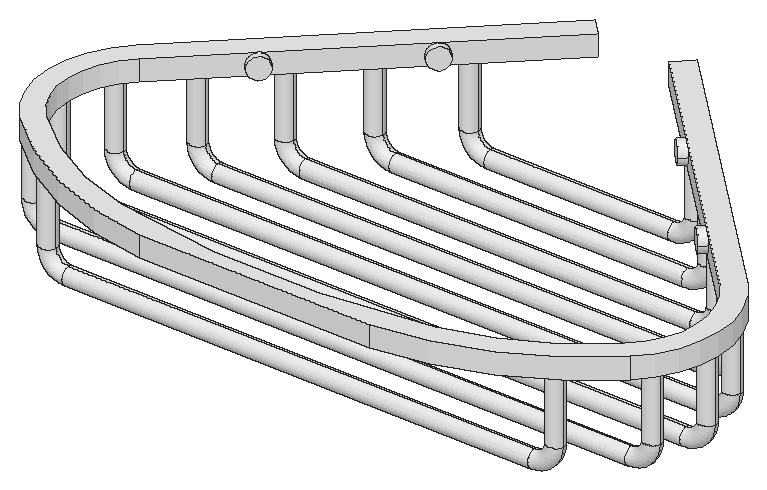
Revit family "Wire_Basket-Grohe-40664000", category Specialty Equipment, Revit 2018
Family settings
  Round Connector Dimension = Use Diameter
  Part Type = Normal
  OmniClass Number = 23.40.20.21.34
  OmniClass Title = Soap Holders, Dispensers
  Work Plane-Based = Yes
  Always vertical = No
  Cut with Voids When Loaded = No
  Shared = Yes
  Room Calculation Point = No
Parameters (values of type "40664000")
  Width = 8.00458"
  Warranty Information = "Limited Lifetime warranty"  # constant formula
  URL = "https://www.grohe.ca/"
  Region = "North America"  # constant formula
  Product Page URL = "https://www.grohe.ca/Soap-Dishes-Holders/Filing-Basket/GROHE-CHROME-40664000"
  Product Documentation Link = "https://americanstandard.box.com/shared/static/sjo2f347oklpd8eor4zxk3aaf0xahlfh.pdf"
  Price = "Prices may vary. Please consult Manufacturer Representative for most up-to-date price list."  # constant formula
  Model = "40664000"
  Material = "Metal-Grohe-000-Starlight Chrome"
  Manufacturer = "Grohe"
  Length = 5 55/64"
  Installation Type = "Angle Wall Mounted"  # constant formula
  Height = 1.34809"
  Description = "Filing Basket"
  Default Elevation = 0"
  Creation Date = "03/30/2021"  # constant formula
  Body Material = Metal-Grohe-000-Starlight Chrome
  Assembly Code = "C1030200"
Reference planes (in)
  plane 1 "Center (Front/Back)": y = 0
  plane 2: z = 0
  plane 3 "Center (Left/Right)": x = 0
  plane 4: y = 2.92969
  plane 5: y = -2.92969
  plane 6: z = -1
  plane 7: y = 2.11719
  plane 8: x = -1.34874
  plane 9: y = 1.50742
  plane 10: y = 0.89765
  plane 11: y = 0.31913
  plane 12: y = -0.25939
  plane 13: x = 1.34874
  plane 14: y = -0.86916
  plane 15: y = -1.47893
  plane 16: y = -2.0887
  plane 17: x = 2
  plane 18: x = -2
  plane 19: x = 2.58627
  plane 20: x = 3.03816
  plane 21: x = -2.58627
  plane 22: x = -3.03816
  plane 23: x = 3.71162
  plane 24: x = -3.71162
  plane 25: z = 0.125
  plane 26: z = 0.25
  plane 27: x = 4.02089
  plane 28: x = -3.98369
  plane 29: z = -1.09809
Forms (in)
  Extrusion 1, solid, material "Metal-Grohe-000-Starlight Chrome" <- "Body Material"
    sketch origin (0, 0, 0) x (1, 0, 0) y (0, 1, 0)
      loop
        line (0.4232, 2.87366) -> (3.47363, -0.17678)
        arc (3.47363, -0.17678) -> (3.76284, -0.875) -> (3.47363, -1.57322) r 0.98744
        arc (3.47363, -1.57322) -> (2.73897, -2.12268) -> (1.87898, -2.44215) r 3.21331
        arc (1.87898, -2.44215) -> (0, -2.64248) -> (-1.87898, -2.44215) r 8.91176
        arc (-1.87898, -2.44215) -> (-2.73897, -2.12268) -> (-3.47363, -1.57322) r 3.21331
        arc (-3.47363, -1.57322) -> (-3.76284, -0.875) -> (-3.47363, -0.17678) r 0.98744
        line (-3.47363, -0.17678) -> (-0.4232, 2.87366) -> (-0.60552, 3.05599) -> (-3.65018, 0.01133)
        arc (-3.65018, 0.01133) -> (-4.01262, -0.86367) -> (-3.65018, -1.73867) r 1.23744
        arc (-3.65018, -1.73867) -> (-2.60529, -2.4677) -> (-1.37298, -2.79125) r 3.63397
        arc (-1.37298, -2.79125) -> (0.00414, -2.84675) -> (1.38125, -2.79125) r 17.11474
        arc (1.38125, -2.79125) -> (2.61356, -2.4677) -> (3.65845, -1.73867) r 3.63397
        arc (3.65845, -1.73867) -> (4.02089, -0.86367) -> (3.65845, 0.01133) r 1.23744
        line (3.65845, 0.01133) -> (0.60966, 3.06012) -> (0.4232, 2.87366)
    from 0 to 0.25
  Sweep 2, solid, material "Metal-Grohe-000-Starlight Chrome" <- "Body Material"
    path origin (0, 0, 0) x (1, 0, 0) y (0, 0, 1)
      loop
        line (-1.34874, 0) -> (-1.34874, -0.75)
        arc (-1.34874, -0.75) -> (-1.27552, -0.92678) -> (-1.09874, -1) r 0.25
        line (-1.09874, -1) -> (1.09874, -1)
        arc (1.09874, -1) -> (1.27552, -0.92678) -> (1.34874, -0.75) r 0.25
        line (1.34874, -0.75) -> (1.34874, 0)
    profile origin (-1.34874, 0, -0.375) x (0, -1, 0) y (1, 0, 0)
      loop
        circle (-2.11719, 0) r 0.1
  Sweep 3, solid, material "Metal-Grohe-000-Starlight Chrome" <- "Body Material"
    path origin (0, -0.60977, 0) x (1, 0, 0) y (0, 0, 1)
      loop
        line (-2, 0) -> (-2, -0.75)
        arc (-2, -0.75) -> (-1.92678, -0.92678) -> (-1.75, -1) r 0.25
        line (-1.75, -1) -> (1.75, -1)
        arc (1.75, -1) -> (1.92678, -0.92678) -> (2, -0.75) r 0.25
        line (2, -0.75) -> (2, 0)
    profile origin (-2, -0.60977, -0.375) x (0, -1, 0) y (1, 0, 0)
      loop
        circle (-2.11719, 0) r 0.1
  Sweep 4, solid, material "Metal-Grohe-000-Starlight Chrome" <- "Body Material"
    path origin (0, -1.21954, 0) x (1, 0, 0) y (0, 0, 1)
      loop
        line (-2.58627, 0) -> (-2.58627, -0.75)
        arc (-2.58627, -0.75) -> (-2.51305, -0.92678) -> (-2.33627, -1) r 0.25
        line (-2.33627, -1) -> (2.33627, -1)
        arc (2.33627, -1) -> (2.51305, -0.92678) -> (2.58627, -0.75) r 0.25
        line (2.58627, -0.75) -> (2.58627, 0)
    profile origin (-2.58627, -1.21954, -0.375) x (0, -1, 0) y (1, 0, 0)
      loop
        circle (-2.11719, 0) r 0.1
  Sweep 5, solid, material "Metal-Grohe-000-Starlight Chrome" <- "Body Material"
    path origin (0, -1.79806, 0) x (1, 0, 0) y (0, 0, 1)
      loop
        line (-3.17188, 0) -> (-3.17188, -0.75)
        arc (-3.17188, -0.75) -> (-3.09866, -0.92678) -> (-2.92188, -1) r 0.25
        line (-2.92188, -1) -> (2.92188, -1)
        arc (2.92188, -1) -> (3.09866, -0.92678) -> (3.17188, -0.75) r 0.25
        line (3.17188, -0.75) -> (3.17188, 0)
    profile origin (-3.17188, -1.79806, -0.375) x (0, -1, 0) y (1, 0, 0)
      loop
        circle (-2.11719, 0) r 0.1
  Sweep 6, solid, material "Metal-Grohe-000-Starlight Chrome" <- "Body Material"
    path origin (0, -2.37658, 0) x (1, 0, 0) y (0, 0, 1)
      loop
        line (-3.69397, 0) -> (-3.69397, -0.75)
        arc (-3.69397, -0.75) -> (-3.62074, -0.92678) -> (-3.44397, -1) r 0.25
        line (-3.44397, -1) -> (3.44397, -1)
        arc (3.44397, -1) -> (3.62074, -0.92678) -> (3.69397, -0.75) r 0.25
        line (3.69397, -0.75) -> (3.69397, 0)
    profile origin (-3.69397, -2.37658, -0.375) x (0, -1, 0) y (1, 0, 0)
      loop
        circle (-2.11719, 0) r 0.1
  Sweep 7, solid, material "Metal-Grohe-000-Starlight Chrome" <- "Body Material"
    path origin (0, -2.98635, 0) x (1, 0, 0) y (0, 0, 1)
      loop
        line (-3.88384, 0) -> (-3.88384, -0.75)
        arc (-3.88384, -0.75) -> (-3.81061, -0.92678) -> (-3.63384, -1) r 0.25
        line (-3.63384, -1) -> (3.63384, -1)
        arc (3.63384, -1) -> (3.81061, -0.92678) -> (3.88384, -0.75) r 0.25
        line (3.88384, -0.75) -> (3.88384, 0)
    profile origin (-3.88384, -2.98635, -0.375) x (0, -1, 0) y (1, 0, 0)
      loop
        circle (-2.11719, 0) r 0.1
  Sweep 8, solid, material "Metal-Grohe-000-Starlight Chrome" <- "Body Material"
    path origin (0, -3.59611, 0) x (1, 0, 0) y (0, 0, 1)
      loop
        line (-3.71162, 0) -> (-3.71162, -0.75)
        arc (-3.71162, -0.75) -> (-3.6384, -0.92678) -> (-3.46162, -1) r 0.25
        line (-3.46162, -1) -> (3.46162, -1)
        arc (3.46162, -1) -> (3.6384, -0.92678) -> (3.71162, -0.75) r 0.25
        line (3.71162, -0.75) -> (3.71162, 0)
    profile origin (-3.71162, -3.59611, -0.375) x (0, -1, 0) y (1, 0, 0)
      loop
        circle (-2.11719, 0) r 0.1
  Sweep 9, solid, material "Metal-Grohe-000-Starlight Chrome" <- "Body Material"
    path origin (0, -4.20549, 0) x (1, 0, 0) y (0, 0, 1)
      loop
        line (-3.03816, 0) -> (-3.03816, -0.75)
        arc (-3.03816, -0.75) -> (-2.96493, -0.92678) -> (-2.78816, -1) r 0.25
        line (-2.78816, -1) -> (2.78816, -1)
        arc (2.78816, -1) -> (2.96493, -0.92678) -> (3.03816, -0.75) r 0.25
        line (3.03816, -0.75) -> (3.03816, 0)
    profile origin (-3.03816, -4.20549, -0.375) x (0, -1, 0) y (1, 0, 0)
      loop
        circle (-2.11719, 0) r 0.1
  Extrusion 10, solid, material "Metal-Grohe-000-Starlight Chrome" <- "Body Material"
    sketch origin (0.10851, 3.06887, 0) x (0.707107, 0.707107, 0) y (0, 0, 1)
      loop
        circle (-3.71162, 0.125) r 0.125
    from -0.23794 to -0.14423
  Extrusion 11, solid, material "Metal-Grohe-000-Starlight Chrome" <- "Body Material"
    sketch origin (1.30574, 4.26609, 0) x (0.707107, 0.707107, 0) y (0, 0, 1)
      loop
        circle (-3.71162, 0.125) r 0.125
    from -0.23794 to -0.14423
  Extrusion 12, solid, material "Metal-Grohe-000-Starlight Chrome" <- "Body Material"
    sketch origin (-0.10851, 3.06887, 0) x (-0.707107, 0.707107, 0) y (0, 0, -1)
      loop
        circle (-3.71162, -0.125) r 0.125
    from -0.23794 to -0.14423
  Extrusion 13, solid, material "Metal-Grohe-000-Starlight Chrome" <- "Body Material"
    sketch origin (-1.30574, 4.26609, 0) x (-0.707107, 0.707107, 0) y (0, 0, -1)
      loop
        circle (-3.71162, -0.125) r 0.125
    from -0.23794 to -0.14423
Lines and regions (in)
  Masking region 1
    outline origin (0, 0, 0) x (1, 0, 0) y (0, 1, 0)
      loop
        arc (-3.65018, 0.01133) -> (-4.01262, -0.86367) -> (-3.65018, -1.73867) r 1.23744
        arc (-3.65018, -1.73867) -> (-2.60529, -2.4677) -> (-1.37298, -2.79125) r 3.63397
        arc (-1.37298, -2.79125) -> (0.00414, -2.84675) -> (1.38125, -2.79125) r 17.11474
        arc (1.38125, -2.79125) -> (2.61356, -2.4677) -> (3.65845, -1.73867) r 3.63397
        arc (3.65845, -1.73867) -> (4.02089, -0.86367) -> (3.65845, 0.01133) r 1.23744
        line (3.65845, 0.01133) -> (0.60966, 3.06012) -> (0.4232, 2.87366) -> (3.47363, -0.17678)
        arc (3.47363, -0.17678) -> (3.76284, -0.875) -> (3.47363, -1.57322) r 0.98744
        arc (3.47363, -1.57322) -> (2.73897, -2.12268) -> (1.87898, -2.44215) r 3.21331
        arc (1.87898, -2.44215) -> (0, -2.64248) -> (-1.87898, -2.44215) r 8.91176
        arc (-1.87898, -2.44215) -> (-2.73897, -2.12268) -> (-3.47363, -1.57322) r 3.21331
        arc (-3.47363, -1.57322) -> (-3.76284, -0.875) -> (-3.47363, -0.17678) r 0.98744
        line (-3.47363, -0.17678) -> (-0.4232, 2.87366) -> (-0.60552, 3.05599) -> (-3.65018, 0.01133)
  Masking region 2
    outline origin (0, 0, 0) x (1, 0, 0) y (0, 1, 0)
      loop
        line (-1.50915, 1.65517) -> (-1.33238, 1.83195) -> (-1.39864, 1.89821) -> (-1.57542, 1.72144) -> (-1.50915, 1.65517)
  Masking region 3
    outline origin (-1.19725, -1.19725, 0) x (1, 0, 0) y (0, 1, 0)
      loop
        line (-1.50915, 1.65517) -> (-1.33238, 1.83195) -> (-1.39864, 1.89821) -> (-1.57542, 1.72144) -> (-1.50915, 1.65517)
  Masking region 4
    outline origin (0, 0, 0) x (0, 1, 0) y (-1, 0, 0)
      loop
        line (1.65517, -1.50915) -> (1.72144, -1.57542) -> (1.89821, -1.39864) -> (1.83195, -1.33238) -> (1.65517, -1.50915)
  Masking region 5
    outline origin (1.19725, -1.19725, 0) x (0, 1, 0) y (-1, 0, 0)
      loop
        line (1.65517, -1.50915) -> (1.72144, -1.57542) -> (1.89821, -1.39864) -> (1.83195, -1.33238) -> (1.65517, -1.50915)
  Masking region 6
    outline origin (0, 0, 0) x (1, 0, 0) y (0, 1, 0)
      loop
        line (-1.07973, 2.21713) -> (-1.2796, 2.01725) -> (1.2796, 2.01725) -> (1.07973, 2.21713) -> (-1.07973, 2.21713)
  Masking region 7
    outline origin (0, -0.60977, 0) x (1, 0, 0) y (0, 1, 0)
      loop
        line (-1.6895, 2.21713) -> (-1.88937, 2.01725) -> (1.88937, 2.01725) -> (1.6895, 2.21713) -> (-1.6895, 2.21713)
  Masking region 8
    outline origin (0, -1.21954, 0) x (1, 0, 0) y (0, 1, 0)
      loop
        line (-2.29926, 2.21713) -> (-2.49914, 2.01725) -> (2.49914, 2.01725) -> (2.29926, 2.21713) -> (-2.29926, 2.21713)
  Masking region 9
    outline origin (0, -1.79806, 0) x (1, 0, 0) y (0, 1, 0)
      loop
        line (-2.87778, 2.21713) -> (-3.07766, 2.01725) -> (3.07766, 2.01725) -> (2.87778, 2.21713) -> (-2.87778, 2.21713)
  Masking region 10
    outline origin (0, -2.37658, 0) x (1, 0, 0) y (0, 1, 0)
      loop
        arc (-3.45586, 2.21713) -> (-3.54321, 2.12247) -> (-3.6175, 2.01725) r 0.98744
        line (-3.6175, 2.01725) -> (3.6175, 2.01725)
        arc (3.6175, 2.01725) -> (3.54321, 2.12247) -> (3.45586, 2.21713) r 0.98744
        line (3.45586, 2.21713) -> (-3.45586, 2.21713)
  Masking region 11
    outline origin (0, -2.98635, 0) x (1, 0, 0) y (0, 1, 0)
      loop
        arc (-3.75716, 2.21713) -> (-3.76283, 2.11722) -> (-3.75835, 2.01725) r 0.98744
        line (-3.75835, 2.01725) -> (3.75835, 2.01725)
        arc (3.75835, 2.01725) -> (3.76283, 2.11722) -> (3.75716, 2.21713) r 0.98744
        line (3.75716, 2.21713) -> (-3.75716, 2.21713)
  Masking region 12
    outline origin (0, -3.59611, 0) x (1, 0, 0) y (0, 1, 0)
      loop
        arc (-3.62454, 2.21713) -> (-3.55269, 2.11213) -> (-3.46794, 2.01725) r 0.98744
        line (-3.46794, 2.01725) -> (3.46794, 2.01725)
        arc (3.46794, 2.01725) -> (3.55269, 2.11213) -> (3.62454, 2.21713) r 0.98744
        line (3.62454, 2.21713) -> (-3.62454, 2.21713)
  Masking region 13
    outline origin (0, -4.20588, 0) x (1, 0, 0) y (0, 1, 0)
      loop
        arc (-2.96264, 2.21713) -> (-2.79007, 2.11165) -> (-2.6112, 2.01725) r 3.21331
        line (-2.6112, 2.01725) -> (2.6112, 2.01725)
        arc (2.6112, 2.01725) -> (2.79007, 2.11165) -> (2.96264, 2.21713) r 3.21331
        line (2.96264, 2.21713) -> (-2.96264, 2.21713)
Dimensions and locks (in)
  "Length": plane 5 to plane 4
  "Width": plane 28 to plane 27
  "Height": plane 29 to plane 26
  aligned and locked: plane 8 to Sweep 2 sketch curve
  aligned and locked: plane 7 to Sweep 2
  aligned and locked: Sweep 3 sketch curve to plane 18
  aligned and locked: Sweep 3 sketch curve to plane 17
  aligned and locked: plane 19 to Sweep 4 sketch curve
  aligned and locked: plane 21 to Sweep 4 sketch curve
  aligned and locked: Sweep 8 sketch curve to plane 24
  aligned and locked: plane 23 to Sweep 8 sketch curve
  aligned and locked: Sweep 9 sketch curve to plane 22
  aligned and locked: plane 20 to Sweep 9 sketch curve
  aligned and locked: Extrusion 11 to Extrusion 1
  aligned and locked: Extrusion 10 to Extrusion 1
  aligned and locked: Extrusion 13 to Extrusion 1
  aligned and locked: Extrusion 12 to Extrusion 1
  aligned and locked: Masking region 1 sketch curve to Extrusion 1  (x15)
  aligned and locked: Masking region 2 sketch curve to Extrusion 11  (x2)
  aligned and locked: Masking region 9 to Extrusion 1  (x2)
  aligned and locked: Masking region 8 to Extrusion 1  (x2)
  aligned and locked: Masking region 7 to Extrusion 1  (x2)
Automatic sketch dimensions
  Extrusion 1 sketch curve to plane 3 "Center (Left/Right)" = 0"
  plane 4 to Extrusion 1 sketch curve = 0.05603"  (x2)
  Extrusion 1 sketch curve to plane 3 "Center (Left/Right)" = 0.4232"
  Extrusion 1 sketch curve to plane 4 = 0.1263"
  Extrusion 1 sketch curve to Extrusion 1 sketch curve = 0.18233"
  plane 10 to Extrusion 1 sketch curve = 0.06672"  (x2)
  Extrusion 1 sketch curve to plane 8 = 0.26816"
  Extrusion 1 sketch curve to plane 8 = 0.14726"
  plane 14 to Extrusion 1 sketch curve = 0.00549"  (x2)
  Extrusion 1 sketch curve to plane 21 = 0.18891"
  Extrusion 1 sketch curve to Extrusion 1 sketch curve = 0.00022"
  plane 12 to Extrusion 1 sketch curve = 0.08261"  (x2)
  Extrusion 1 sketch curve to plane 1 "Center (Front/Back)" = 0.01133"  (x2)
  plane 3 "Center (Left/Right)" to Extrusion 1 sketch curve = 0.00414"
  plane 3 "Center (Left/Right)" to Extrusion 1 sketch curve = 0.4232"
  Extrusion 1 sketch curve to plane 4 = 0.13043"
  Extrusion 1 sketch curve to Extrusion 1 sketch curve = 0.18646"
  Extrusion 1 sketch curve to plane 13 = 0.25989"
  Extrusion 1 sketch curve to plane 13 = 0.14726"
  Extrusion 1 sketch curve to plane 14 = 0.00584"  (x2)
  Extrusion 1 sketch curve to plane 19 = 0.18913"
  Extrusion 1 sketch curve to Extrusion 1 sketch curve = 0.00805"
  Extrusion 1 sketch curve to Extrusion 1 sketch curve = 0.132"  (x2)
  Extrusion 1 sketch curve to Extrusion 1 sketch curve = 3.20915"
  Extrusion 1 sketch curve to Extrusion 1 sketch curve = 7.99872"
  plane 8 to Extrusion 1 sketch curve = 0.02424"
  Extrusion 1 sketch curve to Extrusion 1 sketch curve = 0"  (x4)
  plane 18 to Extrusion 1 sketch curve = 0.12102"
  Sweep 2 sketch curve to plane 6 = 0"
  Sweep 2 sketch curve to plane 13 = 0"
  Sweep 2 sketch curve to level = 0"  (x2)
  Sweep 2 sketch curve to plane 8 = 1/4"
  Sweep 2 sketch curve to Sweep 2 sketch curve = 1/4"
  Sweep 2 sketch curve to profile plane = 0"
  Sweep 2 sketch curve to plane 1 "Center (Front/Back)" = 2 15/128"
  Sweep 3 sketch curve to plane 6 = 0"
  Sweep 3 sketch curve to level = 0"  (x2)
  plane 18 to Sweep 3 sketch curve = 1/4"
  Sweep 3 sketch curve to Sweep 3 sketch curve = 1/4"
  Sweep 3 sketch curve to profile plane = 0"
  Sweep 3 sketch curve to profile plane = 2 15/128"
  Sweep 4 sketch curve to plane 6 = 0"
  Sweep 4 sketch curve to level = 0"  (x2)
  plane 21 to Sweep 4 sketch curve = 1/4"
  Sweep 4 sketch curve to Sweep 4 sketch curve = 1/4"
  Sweep 4 sketch curve to profile plane = 0"
  Sweep 4 sketch curve to profile plane = 2 15/128"
  Sweep 5 sketch curve to level = 0"  (x2)
  Sweep 5 sketch curve to plane 6 = 0"
  Sweep 5 sketch curve to plane 22 = 0.13372"
  plane 22 to Sweep 5 sketch curve = 0.11628"
  plane 20 to Sweep 5 sketch curve = 0.11628"
  Sweep 5 sketch curve to plane 20 = 0.13372"
  Sweep 5 sketch curve to profile plane = 0"
  Sweep 5 sketch curve to profile plane = 2 15/128"
  Sweep 6 sketch curve to level = 0"  (x2)
  Sweep 6 sketch curve to plane 6 = 0"
  plane 24 to Sweep 6 sketch curve = 0.01766"
  Sweep 6 sketch curve to Sweep 6 sketch curve = 1/4"
  plane 23 to Sweep 6 sketch curve = 0.26766"
  plane 23 to Sweep 6 sketch curve = 0.01766"
  Sweep 6 sketch curve to profile plane = 0"
  Sweep 6 sketch curve to profile plane = 2 15/128"
  Sweep 7 sketch curve to level = 0"  (x2)
  Sweep 7 sketch curve to plane 6 = 0"
  Sweep 7 sketch curve to plane 24 = 0.17221"
  plane 24 to Sweep 7 sketch curve = 0.07779"
  plane 23 to Sweep 7 sketch curve = 0.07779"
  Sweep 7 sketch curve to plane 23 = 0.17221"
  Sweep 7 sketch curve to profile plane = 0"
  Sweep 7 sketch curve to profile plane = 2 15/128"
  Sweep 8 sketch curve to plane 6 = 0"
  Sweep 8 sketch curve to level = 0"  (x2)
  Sweep 8 sketch curve to Sweep 8 sketch curve = 1/4"  (x2)
  Sweep 8 sketch curve to profile plane = 0"
  Sweep 8 sketch curve to profile plane = 2 15/128"
  Sweep 9 sketch curve to plane 6 = 0"
  Sweep 9 sketch curve to level = 0"  (x2)
  Sweep 9 sketch curve to plane 21 = 0.20188"
  Sweep 9 sketch curve to plane 19 = 0.20188"
  Sweep 9 sketch curve to profile plane = 0"
  Sweep 9 sketch curve to profile plane = 2 15/128"
  Extrusion 10 sketch curve to plane 25 = 0"
  Extrusion 11 sketch curve to plane 25 = 0"
  Extrusion 12 sketch curve to plane 25 = 0"
  Extrusion 13 sketch curve to plane 25 = 0"
  plane 12 to Masking region 1 sketch curve = 0.08261"  (x2)
  Masking region 1 sketch curve to plane 1 "Center (Front/Back)" = 0.01133"  (x2)
  plane 14 to Masking region 1 sketch curve = 0.00549"
  Masking region 1 sketch curve to Masking region 1 sketch curve = 0.00022"
  plane 9 to Masking region 2 sketch curve = 0.21402"
  plane 8 to Masking region 2 sketch curve = 0.0499"
  Masking region 3 sketch curve to plane 21 = 0.18639"
  Masking region 3 sketch curve to Masking region 3 sketch curve = 0.06626"  (x2)
  Masking region 3 sketch curve to plane 21 = 0.00962"
  Masking region 3 sketch curve to plane 11 = 0.13879"
  plane 9 to Masking region 4 sketch curve = 0.14776"
  Masking region 4 sketch curve to Masking region 4 sketch curve = 0.06626"
  Masking region 4 sketch curve to plane 13 = 0.01636"
  Masking region 4 sketch curve to Masking region 4 sketch curve = 0.17678"
  plane 13 to Masking region 4 sketch curve = 0.0499"
  Masking region 5 sketch curve to plane 11 = 0.13879"
  Masking region 5 sketch curve to Masking region 5 sketch curve = 0.06626"
  plane 19 to Masking region 5 sketch curve = 0.05664"
  Masking region 5 sketch curve to Masking region 5 sketch curve = 0.17678"
  Masking region 5 sketch curve to plane 19 = 0.00962"
  Masking region 6 sketch curve to plane 8 = 0.06913"
  plane 7 to Masking region 6 sketch curve = 0.09994"
  Masking region 6 sketch curve to plane 8 = 0.26901"
  Masking region 6 sketch curve to plane 13 = 0.26901"
  Masking region 6 sketch curve to plane 13 = 0.06913"
  Masking region 6 sketch curve to plane 7 = 0.09994"
  plane 18 to Masking region 7 sketch curve = 0.11063"
  plane 9 to Masking region 7 sketch curve = 0.09994"
  Masking region 7 sketch curve to Masking region 7 sketch curve = 0.19988"
  plane 17 to Masking region 7 sketch curve = 0.3105"
  plane 17 to Masking region 7 sketch curve = 0.11063"
  Masking region 7 sketch curve to plane 9 = 0.09994"
  plane 21 to Masking region 8 sketch curve = 0.08713"
  Masking region 8 sketch curve to plane 10 = 0.09994"
  Masking region 8 sketch curve to Masking region 8 sketch curve = 0.19988"
  plane 19 to Masking region 8 sketch curve = 0.28701"
  plane 19 to Masking region 8 sketch curve = 0.08713"
  plane 10 to Masking region 8 sketch curve = 0.09994"
  Masking region 9 sketch curve to plane 22 = 0.0395"
  plane 22 to Masking region 9 sketch curve = 0.16037"
  plane 20 to Masking region 9 sketch curve = 0.16037"
  Masking region 9 sketch curve to plane 20 = 0.0395"
  plane 11 to Masking region 9 sketch curve = 0.09994"
  Masking region 9 sketch curve to plane 11 = 0.09994"
  plane 24 to Masking region 10 sketch curve = 0.09413"
  plane 12 to Masking region 10 sketch curve = 0.09994"
  plane 24 to Masking region 10 sketch curve = 0.25576"
  Masking region 10 sketch curve to plane 14 = 0.00584"  (x2)
  Masking region 10 sketch curve to plane 21 = 0.18913"
  Masking region 10 sketch curve to plane 19 = 0.18913"
  plane 23 to Masking region 10 sketch curve = 0.25576"
  Masking region 11 sketch curve to plane 24 = 0.04673"
  Masking region 11 sketch curve to plane 24 = 0.04554"
  Masking region 11 sketch curve to plane 14 = 0.00584"  (x2)
  Masking region 11 sketch curve to plane 21 = 0.18913"
  Masking region 11 sketch curve to plane 19 = 0.18913"
  Masking region 11 sketch curve to plane 23 = 0.04554"
  Masking region 11 sketch curve to plane 14 = 0.09994"
  plane 24 to Masking region 12 sketch curve = 0.08708"
  plane 15 to Masking region 12 sketch curve = 0.09994"
  Masking region 12 sketch curve to Masking region 12 sketch curve = 0.1566"
  Masking region 12 sketch curve to plane 14 = 0.00584"  (x2)
  Masking region 12 sketch curve to plane 21 = 0.18913"
  Masking region 12 sketch curve to plane 19 = 0.18913"
  plane 23 to Masking region 12 sketch curve = 0.24368"
  plane 22 to Masking region 13 sketch curve = 0.07552"
  Masking region 13 sketch curve to plane 21 = 0.02493"
  Masking region 13 sketch curve to plane 8 = 0.14726"
  Masking region 13 sketch curve to plane 13 = 0.14726"
  Masking region 13 sketch curve to plane 19 = 0.02493"
  plane 20 to Masking region 13 sketch curve = 0.07552"
  plane 16 to Masking region 13 sketch curve = 0.09994"
  Masking region 13 sketch curve to Masking region 13 sketch curve = 0.19988"
  radius of Sweep 2 sketch curve = 0.1"
  radius of Sweep 3 sketch curve = 0.1"
  radius of Sweep 4 sketch curve = 0.1"
  radius of Sweep 5 sketch curve = 0.1"
  radius of Sweep 6 sketch curve = 0.1"
  radius of Sweep 7 sketch curve = 0.1"
  radius of Sweep 8 sketch curve = 0.1"
  radius of Sweep 9 sketch curve = 0.1"
  radius of Extrusion 10 sketch curve = 1/8"
  radius of Extrusion 11 sketch curve = 1/8"
  radius of Extrusion 12 sketch curve = 1/8"
  radius of Extrusion 13 sketch curve = 1/8"
